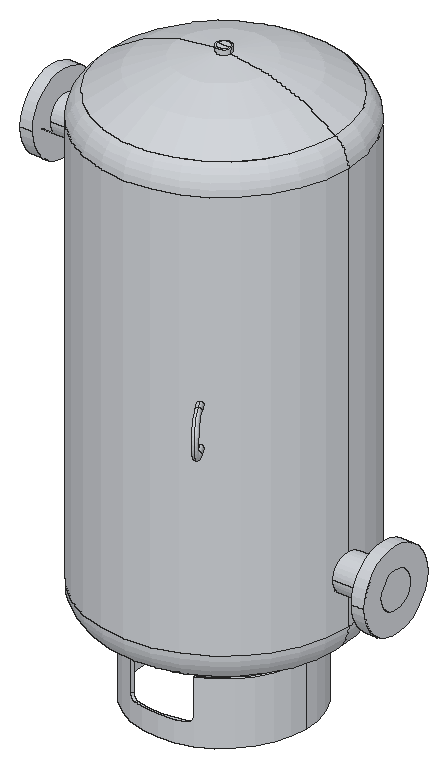
Revit family "HWBT-120-3-125 and 150", category Mechanical Equipment, Revit 2014
Parameters (values of type "HWBT120-3-125 and 150")
  Tank Weight = "268 lbs @ 125, 295 lbs @ 150"
  Tank Volume = "120"
  Tank Height = "55 3/4\""
  Tank Diameter = "24\""
  Note = "All dimensions and weights are approximate"
  Maximum Acceptance Volume = "N/A"
  Max Operating Temp = "450° F"
  Max Operating Pressure = "125psi, or 150psi (depending on model)"
  Connector Size = "3\""
Reference planes (in)
  plane 1 "Center (Front/Back)": y = 0
  plane 2: z = 0
  plane 3 "Center (Left/Right)": x = 0
Forms (in)
  Extrusion 1, solid
    sketch origin (0, 0, 0) x (1, 0, 0) y (0, 1, 0)
      loop
        circle (0, 0) r 7.75261
      loop
        circle (0, 0) r 8
    from 0 to 6
  Extrusion 2, void
    sketch origin (0, 0, 0) x (1, 0, 0) y (0, 0, 1)
      loop
        line (-3, 6) -> (-3, 2.5)
        arc (-3, 2.5) -> (-2.85355, 2.14645) -> (-2.5, 2) r 0.5
        line (-2.5, 2) -> (2.5, 2)
        arc (2.5, 2) -> (2.85355, 2.14645) -> (3, 2.5) r 0.5
        line (3, 2.5) -> (3, 6.75) -> (-3, 6.75) -> (-3, 6)
    from 0 to 12
  Revolve 3, solid
    sketch origin (0, 0, 0) x (1, 0, 0) y (0, 0, 1)
      loop
        line (0, 56.26304) -> (-0.625, 56.26304)
        arc (-0.625, 56.26304) -> (-0.66919, 56.24473) -> (-0.6875, 56.20054) r 0.0625
        line (-0.6875, 56.20054) -> (-0.6875, 55.75002)
        arc (-0.6875, 55.75002) -> (-6.00045, 54.74293) -> (-10.78124, 52.21592) r 18.158
        arc (-10.78124, 52.21592) -> (-11.67803, 51.15405) -> (-12, 49.80196) r 3
        line (-12, 49.80196) -> (-12, 10.22411)
        arc (-12, 10.22411) -> (-11.67803, 8.87202) -> (-10.78124, 7.81016) r 3
        arc (-10.78124, 7.81016) -> (-6.00045, 5.28314) -> (-0.6875, 4.27606) r 18.158
        line (-0.6875, 4.27606) -> (-0.6875, 3.82554)
        arc (-0.6875, 3.82554) -> (-0.66919, 3.78134) -> (-0.625, 3.76304) r 0.0625
        line (-0.625, 3.76304) -> (0, 3.76304) -> (0, 56.26304)
      axis (0, 56.26304) -> (0, 3.76304)
    angle from 0 to 360
  Sweep 4, solid
    path origin (-3.10312, 4.94253, -16.53947) x (0.511725, -0.85915, 0) y (0, 0, 1)
      loop
        line (17.83546, 48.42089) -> (18.83546, 48.42089)
        arc (18.83546, 48.42089) -> (20.71046, 46.54589) -> (18.83546, 44.67089) r 1.875
        line (18.83546, 44.67089) -> (17.83546, 44.67089)
    profile origin (6.27959, -10.81038, 31.88142) x (0, 0, 1) y (-0.85915, -0.511725, 0)
      loop
        circle (0, 0) r 0.25
  Extrusion 5, solid
    sketch origin (0, 0, 0) x (0, 1, 0) y (0, 0, 1)
      loop
        circle (0, 15) r 1.75
    from 0 to 16.5625
  Extrusion 6, solid
    sketch origin (0, 0, 0) x (0, 1, 0) y (0, 0, 1)
      loop
        circle (0, 45.00045) r 1.75
    from 0 to -16.5625
  Extrusion 7, solid
    sketch origin (0, 0, 0) x (0, 1, 0) y (0, 0, 1)
      loop
        circle (0, 45.00045) r 3.8125
    from -15.375 to -16.5625
  Extrusion 8, solid
    sketch origin (0, 0, 0) x (0, 1, 0) y (0, 0, 1)
      loop
        circle (0, 15) r 3.8125
    from 15.375 to 16.5625
Cuts and joins
  Extrusion 2 cuts Extrusion 1
Dimensions and locks (in)
  aligned and locked: level to plane 2
